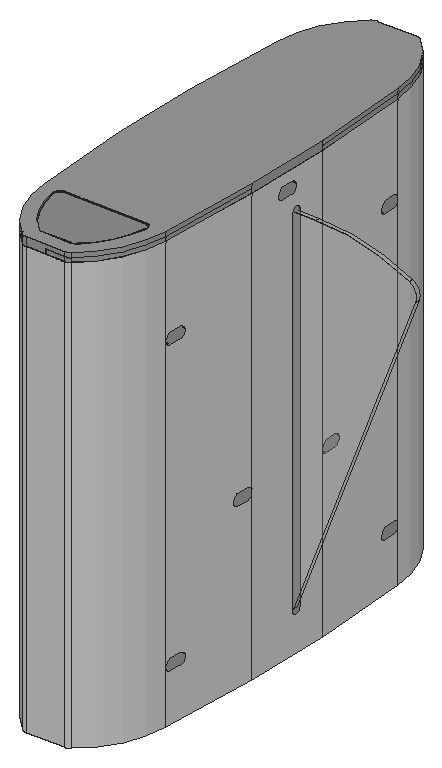
Revit family "CAME_Турникет_Скоростной_SLIDINGGATEGL_РаздвижнойБоковойМодуль", category Специальное оборудование, Revit 2019
Family settings
  Размер круглого соединителя = Использовать диаметр
  Тип детали = Нормальный
  На основе рабочей плоскости = Нет
  Всегда вертикально = Да
  При загрузке вырезать с полостями = Нет
  Общий = Нет
  Точка расчета площади = Нет
Parameters (values of type "550")
  Описание = "Боковой модуль раздвижного турникета SLIDING GATE GL. Оснащен платой управления и светодиодными указателями прохода и направления. Корпус - нержавеющая сталь AISI 304. Сервопозиционный электропривод створки с определением препятствий и автоматической разблокировкой при отключении электроэнергии. Створка из 10 мм закаленного стекла. Ширина прохода 550 мм. Высота створки 900 мм. Время открытия - 0.5 сек. Встроенный блок питания."
  Изготовитель = "CAME"  # constant formula
  Группа модели = "Турникеты"  # constant formula
  Watermark [instance] = "Модели защищены уникальным кодом"
  URL = "https://camerussia.com"
  CAME_Тип механизма турникета = "моторизованный"  # constant formula
  CAME_Напряжение электропитания двигателя (В) = 24 V  # constant formula
  CAME_Максимальное количество проходов в минуту = "30"  # constant formula
  CAME_Класс защиты (IP) = "44"  # constant formula
  CAME_Интенсивность использования (%) = "ИНТЕНСИВНОЕ"  # constant formula
  CAME_Диапазон рабочих температур (°C) = "-20 ÷ +68"  # constant formula
  CAME_Время открывания (с) = "0.5"  # constant formula
  BL_Разработано = "support@bimlib.pro"  # constant formula
  BL_Email = "cru.info@came.com"  # constant formula
  BL_BIM library = "https://bimlib.pro/manufacturer/came/cf0b6efe-31e5-4ffa-b7ea-1d6fa84041d4/?tab=products"
  ADSK_Размер_Ширина = if([550], 575 mm, 700 mm)  # 575 mm
  ADSK_Размер_Глубина = 1000 mm  # constant formula
  ADSK_Размер_Высота = 1010 mm  # constant formula
  ADSK_Полная мощность = ADSK_Номинальная мощность / ADSK_Коэффициент мощности  # 40.625 VA
  ADSK_Обозначение = "ТУ 26.30.50-001-89603926-2021"  # constant formula
  ADSK_Номинальная мощность = 39 W  # constant formula
  ADSK_Напряжение = 230 V  # constant formula
  ADSK_Наименование краткое = if([550], "Бок. модуль турникета SLIDING GATE GL, 550 мм, левый или правый", "Бок. модуль турникета SLIDING GATE GL90, 900 мм, левый или правый")  # "Бок. модуль турникета SLIDING GATE GL, 550 мм, левый или правый"
  ADSK_Наименование = if([550], "Боковой модуль раздвижного турникета SLIDING GATE GL, ширина прохода 550 мм, левый или правый", "Боковой модуль раздвижного турникета SLIDING GATE GL90, ширина прохода 900 мм, левый или правый")  # "Боковой модуль раздвижного турникета SLIDING GATE GL, ширина прохода 550 мм, левый или правый"
  ADSK_Масса_Текст = if([550], "59", "68")  # "59"
  ADSK_Масса = if([550], 59, 68)  # 59
  ADSK_Марка = if([550], "АРТ:001SGL02S", "АРТ:001SGL90S")  # "АРТ:001SGL02S"
  ADSK_Коэффициент мощности = 0.96
  ADSK_Количество фаз = 1  # constant formula
  ADSK_Количество = 1  # constant formula
  ADSK_Код изделия = "Код КСР 26.30.50.119.61.2.07.09"  # constant formula
  ADSK_Классификация нагрузок = Прочее
  ADSK_Завод-изготовитель = "CAME"  # constant formula
  ADSK_Единица измерения = "шт."  # constant formula
  ADSK_Группирование = "SLIDING GATE"  # constant formula
  ADSK_Версия семейства = "1.0"  # constant formula
  ADSK_Версия Revit = "2019"  # constant formula
  ADSK_URL страницы изделия = "https://camerussia.com/product/001sgl02s/"
  ADSK_URL документации изделия = "https://camerussia.com/uploads/support/instructions/files/Инструкция%20Sliding%20Gate%20Ligtht%20SGL01-SGL02-SGL90.pdf"
  900 = no
  550 = yes
Types (3, lengths in mm): name | Описание | ADSK_Размер_Ширина | ADSK_Наименование краткое | ADSK_Наименование | ADSK_Масса_Текст | ADSK_Масса | ADSK_Марка | ADSK_URL страницы изделия | 900 | 550
  (no name) | "Боковой модуль раздвижного турникета SLIDING GATE GL. Оснащен платой управления и светодиодными указателями прохода и направления. Корпус - нержавеющая сталь AISI 304. Сервопозиционный электропривод створки с определением препятствий и автоматической разблокировкой при отключении электроэнергии. Створка из 10 мм закаленного стекла. Ширина прохода 550 мм. Высота створки 900 мм. Время открытия - 0.5 сек. Встроенный блок питания." | 575 | "Бок. модуль турникета SLIDING GATE GL, 550 мм, левый или правый" | "Боковой модуль раздвижного турникета SLIDING GATE GL, ширина прохода 550 мм, левый или правый" | "59" | 59 | "АРТ:001SGL02S" | "https://camerussia.com/product/001sgl02s/" | no | yes
  550 | "Боковой модуль раздвижного турникета SLIDING GATE GL. Оснащен платой управления и светодиодными указателями прохода и направления. Корпус - нержавеющая сталь AISI 304. Сервопозиционный электропривод створки с определением препятствий и автоматической разблокировкой при отключении электроэнергии. Створка из 10 мм закаленного стекла. Ширина прохода 550 мм. Высота створки 900 мм. Время открытия - 0.5 сек. Встроенный блок питания." | 575 | "Бок. модуль турникета SLIDING GATE GL, 550 мм, левый или правый" | "Боковой модуль раздвижного турникета SLIDING GATE GL, ширина прохода 550 мм, левый или правый" | "59" | 59 | "АРТ:001SGL02S" | "https://camerussia.com/product/001sgl02s/" | no | yes
  900 | "Боковой модуль раздвижного турникета SLIDING GATE GL90. Оснащен платой управления и светодиодными указателями прохода и направления. Корпус - нержавеющая сталь AISI 304. Сервопозиционный электропривод створки с определением препятствий и автоматической разблокировкой при отключении электроэнергии. Створка из 10 мм закаленного стекла. Ширина прохода 900 мм. Высота створки 900 мм. Время открытия - 0.5 сек. Встроенный блок питания." | 700 | "Бок. модуль турникета SLIDING GATE GL90, 900 мм, левый или правый" | "Боковой модуль раздвижного турникета SLIDING GATE GL90, ширина прохода 900 мм, левый или правый" | "68" | 68 | "АРТ:001SGL90S" | "https://camerussia.com/product/001sgl90s/" | yes | no
Reference planes
  plane 1 "По центру (Вперед/Назад)": y = 0
  plane 2: z = 0
  plane 3 "По центру (Влево/Вправо)": x = 0
  plane 4: y = 500
  plane 5: y = -500
  plane 6: z = 1010
  plane 7: z = 900
  plane 8: x = -150
  plane 9: x = 150
  plane 10: y = 330
  plane 11: y = -100
  plane 12: y = 100
  plane 13: y = -330
  plane 14: z = 990
  plane 15: through (137.946, -330, 1200) normal (-0.9986, 0.0523, 0)
  plane 16: through (137.946, 330, 1200) normal (0.9986, 0.0523, 0)
  plane 17: z = 834
  plane 18: z = 830.814
  plane 19: z = 105
  plane 20: x = 425
Forms (mm)
  Extrusion 1, solid, material "CAME_Стекло_Закаленное", visible <- "550", detail levels medium+fine
    sketch origin (0, 0, 0) x (1, 0, 0) y (0, 0, 1)
      loop
        line (150, 90) -> (427.146, 811.99)
        arc (427.146, 811.99) -> (427.118, 833.565) -> (412.618, 849.542) r 30
        arc (412.618, 849.542) -> (309.262, 887.213) -> (200, 900) r 473.189
        line (200, 900) -> (150, 900) -> (150, 90)
    from -30 to -20
  Extrusion 2, solid, material "CAME_Сталь_Нержавеющая_AISI 304", detail levels fine
    sketch origin (0, 0, 0) x (1, 0, 0) y (0, 1, 0)
      loop
        line (-42.88, -500) -> (42.88, -500)
        arc (42.88, -500) -> (49.742, -498.786) -> (55.771, -495.291) r 20
        arc (55.771, -495.291) -> (114, -421.167) -> (137.946, -330) r 232.074
        line (137.946, -330) -> (150, -100) -> (150, 100) -> (137.946, 330)
        arc (137.946, 330) -> (114, 421.167) -> (55.771, 495.291) r 232.074
        arc (55.771, 495.291) -> (49.742, 498.786) -> (42.88, 500) r 20
        line (42.88, 500) -> (-42.88, 500)
        arc (-42.88, 500) -> (-49.742, 498.786) -> (-55.771, 495.291) r 20
        arc (-55.771, 495.291) -> (-114, 421.167) -> (-137.946, 330) r 232.074
        line (-137.946, 330) -> (-150, 100) -> (-150, -100) -> (-137.946, -330)
        arc (-137.946, -330) -> (-114, -421.167) -> (-55.771, -495.291) r 232.074
        arc (-55.771, -495.291) -> (-49.742, -498.786) -> (-42.88, -500) r 20
    from 0 to 990
  Extrusion 3, solid, material "CAME_Камень_Гранитный_SGL01", detail levels fine
    sketch origin (-925.693, -1524, 990) x (-1, 0, 0) y (0, -1, 0)
      loop
        arc (-869.922, -2019.291) -> (-811.694, -1945.167) -> (-787.747, -1854) r 232.074
        line (-787.747, -1854) -> (-775.693, -1624) -> (-775.693, -1424) -> (-787.747, -1194)
        arc (-787.747, -1194) -> (-811.694, -1102.833) -> (-869.922, -1028.709) r 232.074
        arc (-869.922, -1028.709) -> (-875.951, -1025.214) -> (-882.813, -1024) r 20
        line (-882.813, -1024) -> (-968.573, -1024)
        arc (-968.573, -1024) -> (-975.435, -1025.214) -> (-981.464, -1028.709) r 20
        arc (-981.464, -1028.709) -> (-1039.693, -1102.833) -> (-1063.64, -1194) r 232.074
        line (-1063.64, -1194) -> (-1075.693, -1424) -> (-1075.693, -1624) -> (-1063.64, -1854)
        arc (-1063.64, -1854) -> (-1039.693, -1945.167) -> (-981.464, -2019.291) r 232.074
        arc (-981.464, -2019.291) -> (-975.435, -2022.786) -> (-968.573, -2024) r 20
        line (-968.573, -2024) -> (-882.813, -2024)
        arc (-882.813, -2024) -> (-875.951, -2022.786) -> (-869.922, -2019.291) r 20
    from 1 to 20
  Extrusion 4, void
    sketch origin (150, -1064.677, 1200) x (0, -1, 0) y (0, 0, 1)
      loop
        line (-1052.219, -234.975) -> (-1077.219, -234.975)
        arc (-1077.219, -234.975) -> (-1089.719, -247.475) -> (-1077.219, -259.975) r 12.5
        line (-1077.219, -259.975) -> (-1052.219, -259.975)
        arc (-1052.219, -259.975) -> (-1039.719, -247.475) -> (-1052.219, -234.975) r 12.5
      loop
        line (-1079.677, -1110) -> (-1079.677, -300)
        arc (-1079.677, -300) -> (-1089.677, -290) -> (-1099.677, -300) r 10
        line (-1099.677, -300) -> (-1099.677, -1110)
        arc (-1099.677, -1110) -> (-1089.677, -1120) -> (-1079.677, -1110) r 10
    from 0 to 1.5
  Extrusion 5, void
    sketch origin (138.993, -310.027, 1200) x (-0.052336, -0.99863, 0) y (0, 0, 1)
      loop
        line (7.3, -399.975) -> (-17.7, -399.975)
        arc (-17.7, -399.975) -> (-30.2, -412.475) -> (-17.7, -424.975) r 12.5
        line (-17.7, -424.975) -> (7.3, -424.975)
        arc (7.3, -424.975) -> (19.8, -412.475) -> (7.3, -399.975) r 12.5
      loop
        line (7.3, -1064.975) -> (-17.7, -1064.975)
        arc (-17.7, -1064.975) -> (-30.2, -1077.475) -> (-17.7, -1089.975) r 12.5
        line (-17.7, -1089.975) -> (7.3, -1089.975)
        arc (7.3, -1089.975) -> (19.8, -1077.475) -> (7.3, -1064.975) r 12.5
      loop
        line (-172.7, -804.975) -> (-197.7, -804.975)
        arc (-197.7, -804.975) -> (-210.2, -817.475) -> (-197.7, -829.975) r 12.5
        line (-197.7, -829.975) -> (-172.7, -829.975)
        arc (-172.7, -829.975) -> (-160.2, -817.475) -> (-172.7, -804.975) r 12.5
    from 0 to 1.5
  Extrusion 6, void
    sketch origin (138.993, 310.027, 1200) x (-0.052336, 0.99863, 0) y (0, 0, -1)
      loop
        arc (7.231, 399.975) -> (19.731, 412.475) -> (7.231, 424.975) r 12.5
        line (7.231, 424.975) -> (-17.769, 424.975)
        arc (-17.769, 424.975) -> (-30.269, 412.475) -> (-17.769, 399.975) r 12.5
        line (-17.769, 399.975) -> (7.231, 399.975)
      loop
        arc (7.231, 1064.975) -> (19.731, 1077.475) -> (7.231, 1089.975) r 12.5
        line (7.231, 1089.975) -> (-17.769, 1089.975)
        arc (-17.769, 1089.975) -> (-30.269, 1077.475) -> (-17.769, 1064.975) r 12.5
        line (-17.769, 1064.975) -> (7.231, 1064.975)
      loop
        arc (-172.769, 804.975) -> (-160.269, 817.475) -> (-172.769, 829.975) r 12.5
        line (-172.769, 829.975) -> (-197.769, 829.975)
        arc (-197.769, 829.975) -> (-210.269, 817.475) -> (-197.769, 804.975) r 12.5
        line (-197.769, 804.975) -> (-172.769, 804.975)
    from 0 to 1.5
  Extrusion 7, solid, material "CAME_Камень_Гранитный_SGL01", detail levels fine
    sketch origin (137.946, -330, 1200) x (-0.052336, -0.99863, 0) y (0, 0, 1)
      loop
        arc (-12.7, -424.975) -> (-0.2, -412.475) -> (-12.7, -399.975) r 12.5
        line (-12.7, -399.975) -> (-37.7, -399.975)
        arc (-37.7, -399.975) -> (-50.2, -412.475) -> (-37.7, -424.975) r 12.5
        line (-37.7, -424.975) -> (-12.7, -424.975)
      loop
        arc (-217.7, -804.975) -> (-230.2, -817.475) -> (-217.7, -829.975) r 12.5
        line (-217.7, -829.975) -> (-192.7, -829.975)
        arc (-192.7, -829.975) -> (-180.2, -817.475) -> (-192.7, -804.975) r 12.5
        line (-192.7, -804.975) -> (-217.7, -804.975)
      loop
        arc (-12.7, -1089.975) -> (-0.2, -1077.475) -> (-12.7, -1064.975) r 12.5
        line (-12.7, -1064.975) -> (-37.7, -1064.975)
        arc (-37.7, -1064.975) -> (-50.2, -1077.475) -> (-37.7, -1089.975) r 12.5
        line (-37.7, -1089.975) -> (-12.7, -1089.975)
    from 0 to 1.5
  Extrusion 8, solid, material "CAME_Камень_Гранитный_SGL01", detail levels fine
    sketch origin (137.946, 330, 1200) x (-0.052336, 0.99863, 0) y (0, 0, -1)
      loop
        arc (-37.769, 424.975) -> (-50.269, 412.475) -> (-37.769, 399.975) r 12.5
        line (-37.769, 399.975) -> (-12.769, 399.975)
        arc (-12.769, 399.975) -> (-0.269, 412.475) -> (-12.769, 424.975) r 12.5
        line (-12.769, 424.975) -> (-37.769, 424.975)
      loop
        arc (-217.769, 829.975) -> (-230.269, 817.475) -> (-217.769, 804.975) r 12.5
        line (-217.769, 804.975) -> (-192.769, 804.975)
        arc (-192.769, 804.975) -> (-180.269, 817.475) -> (-192.769, 829.975) r 12.5
        line (-192.769, 829.975) -> (-217.769, 829.975)
      loop
        line (-37.769, 1064.975) -> (-12.769, 1064.975)
        arc (-12.769, 1064.975) -> (-0.269, 1077.475) -> (-12.769, 1089.975) r 12.5
        line (-12.769, 1089.975) -> (-37.769, 1089.975)
        arc (-37.769, 1089.975) -> (-50.269, 1077.475) -> (-37.769, 1064.975) r 12.5
    from 0 to 1.5
  Extrusion 9, solid, material "CAME_Камень_Гранитный_SGL01", detail levels fine
    sketch origin (150, -1064.677, 1200) x (0, -1, 0) y (0, 0, 1)
      loop
        line (-1077.219, -259.975) -> (-1052.219, -259.975)
        arc (-1052.219, -259.975) -> (-1039.719, -247.475) -> (-1052.219, -234.975) r 12.5
        line (-1052.219, -234.975) -> (-1077.219, -234.975)
        arc (-1077.219, -234.975) -> (-1089.719, -247.475) -> (-1077.219, -259.975) r 12.5
      loop
        arc (-1099.677, -1110) -> (-1089.677, -1120) -> (-1079.677, -1110) r 10
        line (-1079.677, -1110) -> (-1079.677, -300)
        arc (-1079.677, -300) -> (-1089.677, -290) -> (-1099.677, -300) r 10
        line (-1099.677, -300) -> (-1099.677, -1110)
    from 0 to 1.5
  Extrusion 10, void
    sketch origin (-925.693, -1524, 990) x (-1, 0, 0) y (0, -1, 0)
      loop
        line (-925.693, -1024) -> (-968.573, -1024)
        arc (-968.573, -1024) -> (-975.435, -1025.214) -> (-981.464, -1028.709) r 20
        arc (-981.464, -1028.709) -> (-1039.693, -1102.833) -> (-1063.64, -1194) r 232.074
        line (-1063.64, -1194) -> (-1075.693, -1424) -> (-925.693, -1424) -> (-925.693, -1024)
      loop
        line (-968.573, -2024) -> (-925.693, -2024) -> (-925.693, -1624) -> (-1075.693, -1624) -> (-1063.64, -1854)
        arc (-1063.64, -1854) -> (-1039.693, -1945.167) -> (-981.464, -2019.291) r 232.074
        arc (-981.464, -2019.291) -> (-975.435, -2022.786) -> (-968.573, -2024) r 20
    from 0 to 10
  Extrusion 11, solid, material "Индикатор синий", detail levels fine
    sketch origin (-925.693, -1524, 990) x (-1, 0, 0) y (0, -1, 0)
      loop
        line (-925.693, -1624) -> (-1075.693, -1624) -> (-1063.64, -1854)
        arc (-1063.64, -1854) -> (-1039.693, -1945.167) -> (-981.464, -2019.291) r 232.074
        arc (-981.464, -2019.291) -> (-975.435, -2022.786) -> (-968.573, -2024) r 20
        line (-968.573, -2024) -> (-925.693, -2024) -> (-925.693, -1624)
    from 1 to 10
  Extrusion 12, solid, material "Индикатор зеленый,", detail levels fine
    sketch origin (-925.693, -1524, 990) x (-1, 0, 0) y (0, -1, 0)
      loop
        line (-1075.693, -1424) -> (-925.693, -1424) -> (-925.693, -1024) -> (-968.573, -1024)
        arc (-968.573, -1024) -> (-975.435, -1025.214) -> (-981.464, -1028.709) r 20
        arc (-981.464, -1028.709) -> (-1039.693, -1102.833) -> (-1063.64, -1194) r 232.074
        line (-1063.64, -1194) -> (-1075.693, -1424)
    from 1 to 10
  Extrusion 13, solid, material "CAME_Сталь_Нержавеющая_AISI 304", detail levels medium
    sketch origin (0, 0, 0) x (1, 0, 0) y (0, 1, 0)
      loop
        arc (-55.771, 495.291) -> (-114, 421.167) -> (-137.946, 330) r 232.074
        line (-137.946, 330) -> (-150, 100) -> (-150, -100) -> (-137.946, -330)
        arc (-137.946, -330) -> (-114, -421.167) -> (-55.771, -495.291) r 232.074
        arc (-55.771, -495.291) -> (-49.742, -498.786) -> (-42.88, -500) r 20
        line (-42.88, -500) -> (42.88, -500)
        arc (42.88, -500) -> (49.742, -498.786) -> (55.771, -495.291) r 20
        arc (55.771, -495.291) -> (114, -421.167) -> (137.946, -330) r 232.074
        line (137.946, -330) -> (150, -100) -> (150, 100) -> (137.946, 330)
        arc (137.946, 330) -> (114, 421.167) -> (55.771, 495.291) r 232.074
        arc (55.771, 495.291) -> (49.742, 498.786) -> (42.88, 500) r 20
        line (42.88, 500) -> (-42.88, 500)
        arc (-42.88, 500) -> (-49.742, 498.786) -> (-55.771, 495.291) r 20
    from 0 to 1010
  Extrusion 14, void
    sketch origin (-925.693, -1524, 1010) x (-1, 0, 0) y (0, -1, 0)
      loop
        line (-892.272, -1054) -> (-959.115, -1054)
        arc (-959.115, -1054) -> (-964.594, -1055.037) -> (-969.316, -1058.003) r 15
        arc (-969.316, -1058.003) -> (-1011.121, -1112.83) -> (-1032.06, -1178.519) r 202.074
        arc (-1032.06, -1178.519) -> (-1028.509, -1190.425) -> (-1017.201, -1195.57) r 15
        line (-1017.201, -1195.57) -> (-834.186, -1195.57)
        arc (-834.186, -1195.57) -> (-822.877, -1190.425) -> (-819.326, -1178.519) r 15
        arc (-819.326, -1178.519) -> (-840.266, -1112.83) -> (-882.071, -1058.003) r 202.074
        arc (-882.071, -1058.003) -> (-886.793, -1055.037) -> (-892.272, -1054) r 15
    from 0 to -2
  Extrusion 15, solid, material "CAME_Стекло_Закаленное_Черное", detail levels fine
    sketch origin (-925.693, -1524, 1010) x (-1, 0, 0) y (0, -1, 0)
      loop
        line (-1017.201, -1193.57) -> (-834.186, -1193.57)
        arc (-834.186, -1193.57) -> (-824.385, -1189.111) -> (-821.308, -1178.793) r 13
        arc (-821.308, -1178.793) -> (-842.04, -1113.753) -> (-883.431, -1059.47) r 200.074
        arc (-883.431, -1059.47) -> (-887.523, -1056.898) -> (-892.272, -1056) r 13
        line (-892.272, -1056) -> (-959.115, -1056)
        arc (-959.115, -1056) -> (-963.863, -1056.898) -> (-967.956, -1059.47) r 13
        arc (-967.956, -1059.47) -> (-1009.347, -1113.753) -> (-1030.079, -1178.793) r 200.074
        arc (-1030.079, -1178.793) -> (-1027.002, -1189.111) -> (-1017.201, -1193.57) r 13
    from 0 to -2
  Extrusion 16, solid, material "CAME_Стекло_Закаленное", visible <- "900", detail levels medium+fine
    sketch origin (0, 0, 0) x (1, 0, 0) y (0, 0, 1)
      loop
        line (150, 105) -> (553.019, 659.708)
        arc (553.019, 659.708) -> (557.692, 676.653) -> (550.056, 692.486) r 25
        arc (550.056, 692.486) -> (390.774, 794.946) -> (204.812, 830.814) r 500
        line (204.812, 830.814) -> (150, 830.814) -> (150, 105)
    from -30 to -20
  Extrusion 17, solid, material "CAME_Сталь_Нержавеющая_AISI 304", visible <- "900", detail levels medium+fine
    sketch origin (0, 0, 0) x (1, 0, 0) y (0, 0, 1)
      loop
        line (150, 569) -> (351.283, 808.879)
        arc (351.283, 808.879) -> (261.585, 883.942) -> (150, 919) r 300
        line (150, 919) -> (150, 569)
    from -35 to -15
Cuts and joins
  Extrusion 4, Extrusion 5, Extrusion 6 cuts Extrusion 2
  Extrusion 10, Extrusion 14 cuts Extrusion 3
Lines and regions (mm)
  model lines, style "CAME", detail levels coarse
    curve 1: line (-129.037, 500, 0) -> (129.037, 500, 0)
    curve 2: line (-150, -100, 0) -> (-150, 100, 0)
    curve 3: line (129.037, -500, 0) -> (-129.037, -500, 0)
    curve 4: line (150, 100, 0) -> (150, -100, 0)
    curve 5: line (150, 0, 0) -> (425, 0, 0)
    curve 6: line (129.037, -500, 0) -> (150, -100, 0)
    curve 7: line (129.037, 500, 0) -> (150, 100, 0)
    curve 8: line (-129.037, -500, 0) -> (-150, -100, 0)
    curve 9: line (-129.037, 500, 0) -> (-150, 100, 0)
Dimensions and locks
  equal spacing: plane 5, plane 1 "По центру (Вперед/Назад)", plane 4
  "ADSK_Размер_Глубина": plane 5 to plane 4
  "ADSK_Размер_Высота": plane 6 to plane 2
  locked: plane 7 to plane 2 at 900
  plane 8 to plane 3 "По центру (Влево/Вправо)" to plane 9 = 150 mm locked, 150 mm locked
  plane 10 to plane 12 to plane 1 "По центру (Вперед/Назад)" to plane 11 to plane 13 = 230 mm locked, 100 mm locked, 100 mm locked, 230 mm locked
  locked: plane 17 to plane 2 at 834
  plane 18 to plane 19 to plane 2 = 725.814 mm locked, 105 mm locked
  Extrusion 17 sketch curve to Extrusion 17 sketch curve to Extrusion 17 sketch curve to plane 2 = 110.121 mm locked, 239.879 mm locked, 569 mm locked
  "ADSK_Размер_Ширина": plane 20 to plane 8
  locked: Extrusion 16 sketch curve to plane 9 (angle 36.00°)
  aligned and locked: level to plane 2
  aligned and locked: curve 1 to plane 4
  aligned and locked: curve 3 to plane 5
  aligned and locked: plane 1 "По центру (Вперед/Назад)" to curve 5
  aligned and locked: plane 8 to curve 2
  aligned and locked: plane 9 to curve 4
  aligned and locked: plane 5 to Extrusion 2 sketch curve
  aligned and locked: plane 4 to Extrusion 2 sketch curve
  aligned and locked: Extrusion 2 sketch curve to plane 8
  aligned and locked: Extrusion 2 sketch curve to plane 9
  aligned and locked: plane 10 to Extrusion 2 sketch curve  (x2)
  aligned and locked: plane 11 to Extrusion 2 sketch curve  (x2)
  aligned and locked: plane 12 to Extrusion 2 sketch curve  (x2)
  aligned and locked: plane 13 to Extrusion 2 sketch curve  (x2)
  aligned and locked: plane 14 to Extrusion 2
  aligned and locked: Extrusion 1 sketch curve to plane 9
  aligned and locked: plane 7 to Extrusion 1 sketch curve
  aligned and locked: Extrusion 3 sketch curve to Extrusion 2  (x14)
  aligned and locked: plane 6 to Extrusion 3
  aligned and locked: Extrusion 7 sketch curve to cut or joined group of Extrusion 2, Extrusion 4, Extrusion 5, Extrusion 6  (x6)
  aligned and locked: Extrusion 8 sketch curve to cut or joined group of Extrusion 2, Extrusion 4, Extrusion 5, Extrusion 6  (x6)
  aligned and locked: Extrusion 9 sketch curve to cut or joined group of Extrusion 2, Extrusion 4, Extrusion 5, Extrusion 6  (x4)
  aligned and locked: Extrusion 10 sketch curve to Extrusion 3  (x5)
  aligned and locked: Extrusion 11 sketch curve to cut or joined group of Extrusion 3, Extrusion 10, Extrusion 14  (x4)
  aligned and locked: Extrusion 12 sketch curve to cut or joined group of Extrusion 3, Extrusion 10, Extrusion 14  (x3)
  aligned and locked: Extrusion 13 sketch curve to cut or joined group of Extrusion 3, Extrusion 10, Extrusion 14  (x12)
  aligned and locked: plane 6 to Extrusion 13
  aligned and locked: curve 6 to plane 15
  aligned and locked: plane 16 to curve 7
  aligned and locked: plane 19 to Extrusion 16 sketch curve
  aligned and locked: plane 18 to Extrusion 16 sketch curve
  aligned and locked: Extrusion 16 sketch curve to plane 9
  aligned and locked: Extrusion 17 sketch curve to plane 9
  aligned and locked: plane 20 to curve 5
Automatic sketch dimensions
  plane 8 to Extrusion 2 sketch curve = 12.054 mm  (x2)
  Extrusion 2 sketch curve to Extrusion 2 sketch curve = 44.136 mm  (x2)
  Extrusion 2 sketch curve to plane 4 = 20 mm  (x2)
  Extrusion 2 sketch curve to plane 3 "По центру (Влево/Вправо)" = 42.88 mm  (x2)
  Extrusion 2 sketch curve to plane 5 = 20 mm
  plane 3 "По центру (Влево/Вправо)" to Extrusion 2 sketch curve = 42.88 mm  (x2)
  plane 9 to Extrusion 2 sketch curve = 56.19 mm  (x2)
  plane 9 to Extrusion 2 sketch curve = 12.054 mm  (x2)
  Extrusion 2 sketch curve to Extrusion 2 sketch curve = 20 mm
  Extrusion 2 sketch curve to Extrusion 2 sketch curve = 12.146 mm  (x4)
  curve 2 to curve 8 = 20.963 mm
  plane 1 "По центру (Вперед/Назад)" to curve 8 = 100 mm
  curve 9 to plane 1 "По центру (Вперед/Назад)" = 100 mm
  plane 9 to Extrusion 3 sketch curve = 12.054 mm  (x2)
  plane 8 to Extrusion 3 sketch curve = 12.054 mm  (x2)
  Extrusion 4 sketch curve to plane 1 "По центру (Вперед/Назад)" = 35 mm
  Extrusion 4 sketch curve to Extrusion 4 sketch curve = 10 mm
  Extrusion 4 sketch curve to plane 1 "По центру (Вперед/Назад)" = 12.542 mm
  plane 1 "По центру (Вперед/Назад)" to Extrusion 4 sketch curve = 12.458 mm
  level to Extrusion 4 sketch curve = 90 mm
  Extrusion 4 sketch curve to plane 14 = 90 mm
  Extrusion 4 sketch curve to Extrusion 4 sketch curve = 40.025 mm
  Extrusion 4 sketch curve to Extrusion 4 sketch curve = 12.5 mm
  level to Extrusion 5 sketch curve = 382.525 mm
  Extrusion 5 sketch curve to Extrusion 5 sketch curve = 25 mm  (x3)
  level to Extrusion 5 sketch curve = 135.025 mm
  Extrusion 5 sketch curve to Extrusion 5 sketch curve = 155 mm  (x2)
  Extrusion 5 sketch curve to plane 14 = 202.475 mm
  Extrusion 5 sketch curve to Extrusion 5 sketch curve = 12.5 mm  (x3)
  Extrusion 6 sketch curve to level = 382.525 mm
  Extrusion 6 sketch curve to Extrusion 6 sketch curve = 25 mm  (x3)
  Extrusion 6 sketch curve to level = 135.025 mm
  Extrusion 6 sketch curve to Extrusion 6 sketch curve = 155 mm  (x2)
  plane 14 to Extrusion 6 sketch curve = 202.475 mm
  Extrusion 6 sketch curve to Extrusion 6 sketch curve = 12.5 mm  (x3)
  Extrusion 10 sketch curve to plane 9 = 0 mm  (x2)
  Extrusion 10 sketch curve to plane 3 "По центру (Влево/Вправо)" = 0 mm  (x2)
  Extrusion 10 sketch curve to plane 15 = 0 mm
  plane 9 to Extrusion 10 sketch curve = 12.054 mm  (x2)
  Extrusion 11 sketch curve to plane 3 "По центру (Влево/Вправо)" = 0 mm
  plane 9 to Extrusion 11 sketch curve = 12.054 mm
  Extrusion 12 sketch curve to plane 9 = 0 mm
  Extrusion 12 sketch curve to plane 3 "По центру (Влево/Вправо)" = 0 mm
  plane 9 to Extrusion 12 sketch curve = 12.054 mm
  Extrusion 13 sketch curve to plane 15 = 0 mm
  plane 8 to Extrusion 13 sketch curve = 12.054 mm  (x2)
  plane 9 to Extrusion 13 sketch curve = 12.054 mm  (x2)
  Extrusion 13 sketch curve to plane 1 "По центру (Вперед/Назад)" = 100 mm
  curve 2 to curve 1 = 20.963 mm
  plane 9 to Extrusion 14 sketch curve = 56.19 mm
  Extrusion 14 sketch curve to Extrusion 14 sketch curve = 2.302 mm  (x2)
  plane 3 "По центру (Влево/Вправо)" to Extrusion 14 sketch curve = 33.421 mm
  Extrusion 14 sketch curve to plane 3 "По центру (Влево/Вправо)" = 33.421 mm
  plane 8 to Extrusion 14 sketch curve = 58.492 mm
  Extrusion 14 sketch curve to plane 5 = 182.146 mm  (x2)
  Extrusion 14 sketch curve to Extrusion 14 sketch curve = 10.576 mm
  Extrusion 14 sketch curve to Extrusion 14 sketch curve = 15 mm  (x3)
  Extrusion 14 sketch curve to plane 5 = 45 mm  (x2)
  Extrusion 14 sketch curve to Extrusion 14 sketch curve = 0 mm  (x2)
  plane 9 to Extrusion 15 sketch curve = 56.19 mm
  Extrusion 15 sketch curve to Extrusion 15 sketch curve = 2.302 mm  (x2)
  plane 3 "По центру (Влево/Вправо)" to Extrusion 15 sketch curve = 33.421 mm
  Extrusion 15 sketch curve to plane 3 "По центру (Влево/Вправо)" = 33.421 mm
  plane 8 to Extrusion 15 sketch curve = 58.492 mm
  Extrusion 15 sketch curve to plane 5 = 182.146 mm  (x2)
  Extrusion 15 sketch curve to Extrusion 15 sketch curve = 12.576 mm
  Extrusion 15 sketch curve to Extrusion 15 sketch curve = 13 mm  (x3)
  Extrusion 15 sketch curve to plane 5 = 45 mm  (x2)
  Extrusion 15 sketch curve to Extrusion 15 sketch curve = 0 mm  (x2)
  Extrusion 1 sketch curve to plane 9 = 50 mm
  plane 7 to Extrusion 1 sketch curve = 77.259 mm
  Extrusion 1 sketch curve to Extrusion 1 sketch curve = 10.751 mm
  level to Extrusion 1 sketch curve = 426.811 mm
  level to Extrusion 1 sketch curve = 90 mm
  Extrusion 1 sketch curve to Extrusion 1 sketch curve = 199.138 mm
  Extrusion 1 sketch curve to Extrusion 1 sketch curve = 28.007 mm
  Extrusion 16 sketch curve to plane 9 = 54.812 mm
  Extrusion 16 sketch curve to plane 18 = 156.411 mm
  Extrusion 16 sketch curve to Extrusion 16 sketch curve = 327.982 mm
  Extrusion 16 sketch curve to plane 18 = 171.106 mm
  plane 19 to Extrusion 16 sketch curve = 225.814 mm
  plane 9 to Extrusion 17 sketch curve = 32.404 mm
  Extrusion 17 sketch curve to Extrusion 17 sketch curve = 201.283 mm
Connectors
  electrical at (0, 0, 0), driven by "ADSK_Количество фаз", driven by "ADSK_Классификация нагрузок", driven by "ADSK_Напряжение", driven by "ADSK_Полная мощность", driven by "ADSK_Коэффициент мощности"
    settings: on cut or joined group of Extrusion 2, Extrusion 4, Extrusion 5, Extrusion 6, index 1, voltage 230 V, apparent load 0 VA, apparent load phase1 40.625 VA, apparent load phase2 0 VA, apparent load phase3 0 VA, power factor 0.96, load classification "Прочее", number of poles 1, system type 31, power factor state 1, is connector primary yes, connector utility no, sub classification motor no, connector description ""
